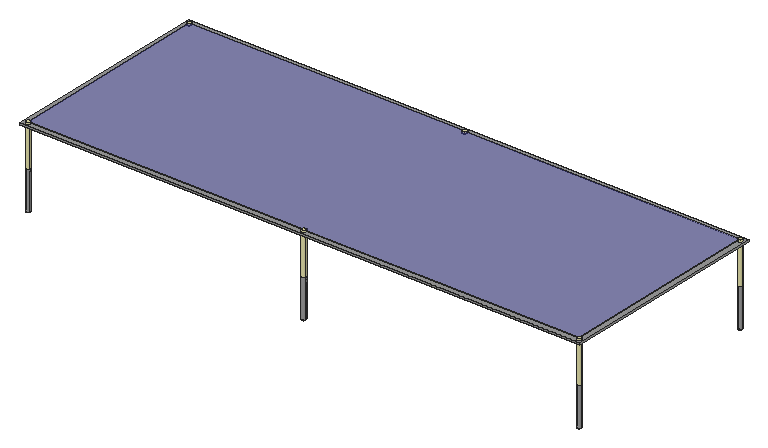
Revit family "ERA Table Rectangular", category Arredi, Revit 2015
Parameters (values of type "60x160cm")
  piedi centrali = yes
  offset = 1.25 cm
  lunghezza2 = 160 cm
  lunghezza1 = lunghezza2 - 2.5 cm  # 157.5 cm
  lastra superiore piccola = no
  lastra superiore grande = yes
  larghezza2 = 60 cm
  larghezza1 = larghezza2 - 2.5 cm  # 57.5 cm
  famiglia piedi = piede tavolo : h 23cm
  altezza2 = 23 cm
  altezza1 = altezza2 - 0.8 cm  # 22.2 cm
  URL = "http://www.livingdivani.it"
  Modello = "ERA Table"
  Mat. Piano 2 = Vetro
  Mat. Piano 1 = Satinato
  Mat. Opaco = Liscia - Nero
  Mat. Metallico = Ottone
  Produttore = "LivingDivani"
  Codice Prodotto = "ERAV160"
Types (4, lengths in cm): name | piedi centrali | lunghezza2 | lunghezza1 | lastra superiore piccola | lastra superiore grande | larghezza2 | larghezza1 | famiglia piedi | altezza2 | altezza1 | Codice Prodotto
  (no name) | yes | 160 | 157.5 | no | yes | 60 | 57.5 | piede tavolo : h 23cm | 23 | 22.2 | "ERAV160"
  42x42cm | no | 42 | 39.5 | yes | no | 42 | 39.5 | piede tavolo : h 45cm | 45 | 44.2 | "ERAV042"
  90x90cm | no | 90 | 87.5 | yes | no | 90 | 87.5 | piede tavolo : h 23cm | 23 | 22.2 | "ERAV090"
  60x160cm | yes | 160 | 157.5 | no | yes | 60 | 57.5 | piede tavolo : h 23cm | 23 | 22.2 | "ERAV160"
Reference planes (cm)
  plane 1 "Centro (Fronte/Retro)": y = 0
  plane 2: z = 0
  plane 3 "Centro (Sinistra/Destra)": x = 0
  plane 4 "laterale superiore 2": y = 30
  plane 5 "sopra piano appoggio": z = 23
  plane 6 "sotto piano appoggio": z = 22.2
  plane 7 "laterale sx 2": x = -80
  plane 8 "laterale dx 2": x = 80
  plane 9 "laterale inferiore 2": y = -30
  plane 10 "lato superiore 1": y = 28.75
  plane 11 "lato inferiore 1": y = -28.75
  plane 12 "laterale sx 1": x = -78.75
  plane 13 "laterale dx 1": x = 78.75
Forms (cm)
  Extrusion 1, solid, material "Satinato" <- "Mat. Piano 1"
    sketch origin (0, 0, 22.2) x (-1, 0, 0) y (0, -1, 0)
      loop
        line (80, -30) -> (80, 30) -> (-80, 30) -> (-80, -30) -> (80, -30)
    from 0 to 0.5
  Extrusion 2, solid, material "Vetro" <- "Mat. Piano 2", visible <- "lastra superiore grande"
    sketch origin (0, 0, 23) x (-1, 0, 0) y (0, -1, 0)
      loop
        line (-78.125, -28.75) -> (78.125, -28.75)
        arc (78.125, -28.75) -> (78.3081, -28.3081) -> (78.75, -28.125) r 0.625
        line (78.75, -28.125) -> (78.75, 28.125)
        arc (78.75, 28.125) -> (78.3081, 28.3081) -> (78.125, 28.75) r 0.625
        line (78.125, 28.75) -> (-78.125, 28.75)
        arc (-78.125, 28.75) -> (-78.3081, 28.3081) -> (-78.75, 28.125) r 0.625
        line (-78.75, 28.125) -> (-78.75, -28.125)
        arc (-78.75, -28.125) -> (-78.3081, -28.3081) -> (-78.125, -28.75) r 0.625
    from -0.3 to 0
  Extrusion 3, void
    sketch origin (0, 0, 23) x (-1, 0, 0) y (0, -1, 0)
      loop
        arc (0.625, -28.75) -> (0, -28.125) -> (-0.625, -28.75) r 0.625
        line (-0.625, -28.75) -> (0.625, -28.75)
      loop
        line (0.625, 28.75) -> (-0.625, 28.75)
        arc (-0.625, 28.75) -> (0, 28.125) -> (0.625, 28.75) r 0.625
    from 2 to -0.3
  Extrusion 4, solid, material "Vetro" <- "Mat. Piano 2", visible <- "lastra superiore piccola"
    sketch origin (0, 0, 23) x (-1, 0, 0) y (0, -1, 0)
      loop
        line (-78.125, -28.75) -> (78.125, -28.75)
        arc (78.125, -28.75) -> (78.3081, -28.3081) -> (78.75, -28.125) r 0.625
        line (78.75, -28.125) -> (78.75, 28.125)
        arc (78.75, 28.125) -> (78.3081, 28.3081) -> (78.125, 28.75) r 0.625
        line (78.125, 28.75) -> (-78.125, 28.75)
        arc (-78.125, 28.75) -> (-78.3081, 28.3081) -> (-78.75, 28.125) r 0.625
        line (-78.75, 28.125) -> (-78.75, -28.125)
        arc (-78.75, -28.125) -> (-78.3081, -28.3081) -> (-78.125, -28.75) r 0.625
    from 0 to -0.3
Cuts and joins
  Extrusion 3 cuts Extrusion 1
  Extrusion 3 cuts Extrusion 2
Dimensions and locks (cm)
  "larghezza2": plane 9 "laterale inferiore 2" to plane 4 "laterale superiore 2"
  "lunghezza2": plane 7 "laterale sx 2" to plane 8 "laterale dx 2"
  "lunghezza1": plane 12 "laterale sx 1" to plane 13 "laterale dx 1"
  "larghezza1": plane 10 "lato superiore 1" to plane 11 "lato inferiore 1"
  "altezza2": plane 5 "sopra piano appoggio" to level
  "altezza1": plane 6 "sotto piano appoggio" to level
  equal spacing: plane 7 "laterale sx 2", plane 3 "Centro (Sinistra/Destra)", plane 8 "laterale dx 2"
  equal spacing: plane 9 "laterale inferiore 2", plane 1 "Centro (Fronte/Retro)", plane 4 "laterale superiore 2"
  equal spacing: plane 12 "laterale sx 1", plane 3 "Centro (Sinistra/Destra)", plane 13 "laterale dx 1"
  equal spacing: plane 11 "lato inferiore 1", plane 1 "Centro (Fronte/Retro)", plane 10 "lato superiore 1"
  "offset": nested 1 to plane 8 "laterale dx 2"
  "offset": plane 7 "laterale sx 2" to nested 2
  "offset": nested 2 to plane 4 "laterale superiore 2"
  "offset": plane 9 "laterale inferiore 2" to nested 3
  "offset": plane 7 "laterale sx 2" to nested 3
  "offset": nested 4 to plane 8 "laterale dx 2"
  "offset": nested 1 to plane 4 "laterale superiore 2"
  "offset": plane 9 "laterale inferiore 2" to nested 4
  aligned and locked: level to plane 2
  aligned and locked: plane 11 "lato inferiore 1" to Extrusion 2
  aligned and locked: plane 13 "laterale dx 1" to Extrusion 2
  aligned and locked: plane 10 "lato superiore 1" to Extrusion 2
  aligned and locked: plane 12 "laterale sx 1" to Extrusion 2
  aligned and locked: plane 9 "laterale inferiore 2" to Extrusion 1
  aligned and locked: Extrusion 1 to plane 8 "laterale dx 2"
  aligned and locked: plane 4 "laterale superiore 2" to Extrusion 1
  aligned and locked: Extrusion 1 to plane 7 "laterale sx 2"
Automatic sketch dimensions
  Extrusion 1 sketch curve to plane 4 "laterale superiore 2" = 0 cm
  Extrusion 1 sketch curve to plane 8 "laterale dx 2" = 0 cm
  Extrusion 1 sketch curve to plane 7 "laterale sx 2" = 0 cm
  plane 9 "laterale inferiore 2" to Extrusion 1 sketch curve = 0 cm
  Extrusion 2 sketch curve to plane 13 "laterale dx 1" = 0 cm
  plane 11 "lato inferiore 1" to Extrusion 2 sketch curve = 0 cm
  Extrusion 2 sketch curve to plane 10 "lato superiore 1" = 0 cm
  Extrusion 2 sketch curve to plane 12 "laterale sx 1" = 0 cm
  Extrusion 2 sketch curve to Extrusion 2 sketch curve = 0.625 cm  (x4)
  plane 11 "lato inferiore 1" to Extrusion 3 sketch curve = 0 cm
  Extrusion 3 sketch curve to plane 10 "lato superiore 1" = 0 cm
  Extrusion 3 sketch curve to plane 3 "Centro (Sinistra/Destra)" = 0 cm  (x2)
  Extrusion 3 sketch curve to Extrusion 3 sketch curve = 0.625 cm
  plane 3 "Centro (Sinistra/Destra)" to Extrusion 3 sketch curve = 0.625 cm
  Extrusion 4 sketch curve to plane 10 "lato superiore 1" = 0 cm
  Extrusion 4 sketch curve to plane 12 "laterale sx 1" = 0 cm
  Extrusion 4 sketch curve to plane 12 "laterale sx 1" = 0.625 cm
  Extrusion 4 sketch curve to plane 11 "lato inferiore 1" = 0.625 cm
  plane 11 "lato inferiore 1" to Extrusion 4 sketch curve = 0 cm
  Extrusion 4 sketch curve to plane 13 "laterale dx 1" = 0.625 cm
  Extrusion 4 sketch curve to plane 13 "laterale dx 1" = 0 cm
  Extrusion 4 sketch curve to plane 10 "lato superiore 1" = 0.625 cm
Nested families (cm)
  nested 1: "piede tavolo" at (78.75, 28.75, 0), type <- "famiglia piedi", type "h 23cm"
  nested 2: "piede tavolo" at (-78.75, 28.75, 0), type <- "famiglia piedi", type "h 23cm"
  nested 3: "piede tavolo" at (-78.75, -28.75, 0), type <- "famiglia piedi", type "h 23cm"
  nested 4: "piede tavolo" at (78.75, -28.75, 0), type <- "famiglia piedi", type "h 23cm"
  nested 5: "piede tavolo" at (0, 28.75, 0), visible <- "piedi centrali", type <- "famiglia piedi", type "h 23cm"
  nested 6: "piede tavolo" at (0, -28.75, 0), visible <- "piedi centrali", type <- "famiglia piedi", type "h 23cm"
Definition of nested family "piede tavolo"
  Parameters (values of type "h 23cm")
    h3 = h0 - 0.3 cm  # 21.9 cm
    h2 = 10.9 cm
    h1 = h0 - h2 - 0.4 cm  # 10.9 cm
    h0 = h tot - 0.8 cm  # 22.2 cm
    h tot = 23 cm
    Mat. Opaco = none
    Mat. Metallico = none
  Types (5, lengths in cm): name | h3 | h1 | h0 | h tot
    (no name) | 21.9 | 10.9 | 22.2 | 23
    h 23cm | 21.9 | 10.9 | 22.2 | 23
    h 35cm | 33.9 | 22.9 | 34.2 | 35
    h 45cm | 43.9 | 32.9 | 44.2 | 45
    h 50cm | 48.9 | 37.9 | 49.2 | 50
  Reference planes (cm)
    plane 1 "Centro (Fronte/Retro)": y = 0
    plane 2: z = 0
    plane 3 "Centro (Sinistra/Destra)": x = 0
    plane 4 "sopra piano appoggio": z = 23
    plane 5 "sotto piano appoggio": z = 22.2
  Forms (cm)
    Extrusion 1, solid, material <- "Mat. Metallico"
      sketch origin (0, 58.75, 23) x (-1, 0, 0) y (0, -1, 0)
        loop
          circle (0, 58.75) r 0.6
      from -0.3 to 0
    Extrusion 2, solid, material <- "Mat. Metallico"
      sketch origin (0, 0, 22.2) x (-1, 0, 0) y (0, -1, 0)
        loop
          circle (0, 0) r 0.55
      from 0 to -21.9
    Extrusion 3, solid, material <- "Mat. Opaco"
      sketch origin (0, 58.75, 0) x (1, 0, 0) y (0, 1, 0)
        loop
          circle (0, -58.75) r 0.6
      from 0 to 0.3
    Revolve 4, void
      sketch origin (0, 58.75, 0) x (0, 1, 0) y (0, 0, 1)
        loop
          line (-59.35, 0) -> (-59.05, 0)
          arc (-59.05, 0) -> (-59.2621, 0.0879) -> (-59.35, 0.3) r 0.3
          line (-59.35, 0.3) -> (-59.35, 0)
        axis (-58.75, 0) -> (-58.75, 0.3)
      angle from 0 to 360
    Extrusion 5, solid, material <- "Mat. Opaco"
      sketch origin (0, 58.75, 0) x (1, 0, 0) y (0, 1, 0)
        loop
          circle (0, -58.75) r 0.6
        loop
          circle (0, -58.75) r 0.55
      from 0.3 to 11.2
    Extrusion 6, solid, material <- "Mat. Metallico"
      sketch origin (0, 58.75, 0) x (1, 0, 0) y (0, 1, 0)
        loop
          circle (0, -58.75) r 0.6
        loop
          circle (0, -58.75) r 0.55
      from 11.3 to 22.2
  Cuts and joins
    Revolve 4 cuts Extrusion 3
    joined: Extrusion 2, Extrusion 6
  Dimensions and locks (cm)
    "h tot": plane 4 "sopra piano appoggio" to level
    "h0": plane 5 "sotto piano appoggio" to level
    "h1": Extrusion 5 to Extrusion 5
    "h2": plane 5 "sotto piano appoggio" to Extrusion 6
    "h3": plane 5 "sotto piano appoggio" to Extrusion 2
    aligned and locked: level to plane 2
    aligned and locked: plane 4 "sopra piano appoggio" to Extrusion 1
    aligned and locked: plane 5 "sotto piano appoggio" to Extrusion 2
    aligned and locked: plane 5 "sotto piano appoggio" to Extrusion 6
  Automatic sketch dimensions
    plane 1 "Centro (Fronte/Retro)" to Extrusion 1 sketch curve = 0 cm
    Extrusion 1 sketch curve to plane 3 "Centro (Sinistra/Destra)" = 0 cm
    plane 1 "Centro (Fronte/Retro)" to Extrusion 2 sketch curve = 0 cm
    Extrusion 2 sketch curve to plane 3 "Centro (Sinistra/Destra)" = 0 cm
    plane 1 "Centro (Fronte/Retro)" to Extrusion 3 sketch curve = 0 cm
    Extrusion 3 sketch curve to plane 3 "Centro (Sinistra/Destra)" = 0 cm
    Revolve 4 sketch curve to level = 0 cm  (x2)
    Revolve 4 sketch curve to plane 1 "Centro (Fronte/Retro)" = 0 cm
    plane 1 "Centro (Fronte/Retro)" to Revolve 4 sketch curve = 0.3 cm
    Revolve 4 sketch curve to Revolve 4 sketch curve = 0.3 cm
    Revolve 4 sketch curve to Revolve 4 sketch curve = 0.5061 cm
    Extrusion 5 sketch curve to Extrusion 5 sketch curve = 0 cm  (x2)
    plane 1 "Centro (Fronte/Retro)" to Extrusion 5 sketch curve = 0 cm
    Extrusion 5 sketch curve to plane 3 "Centro (Sinistra/Destra)" = 0 cm
    Extrusion 6 sketch curve to Extrusion 6 sketch curve = 0 cm  (x2)
    plane 1 "Centro (Fronte/Retro)" to Extrusion 6 sketch curve = 0 cm
    Extrusion 6 sketch curve to plane 3 "Centro (Sinistra/Destra)" = 0 cm
    radius of Extrusion 1 sketch curve = 0.6 cm
    radius of Extrusion 2 sketch curve = 0.55 cm
    radius of Extrusion 3 sketch curve = 0.6 cm
    radius of Extrusion 5 sketch curve = 0.6 cm
    radius of Extrusion 5 sketch curve = 0.55 cm
    radius of Extrusion 6 sketch curve = 0.6 cm
    radius of Extrusion 6 sketch curve = 0.55 cm
